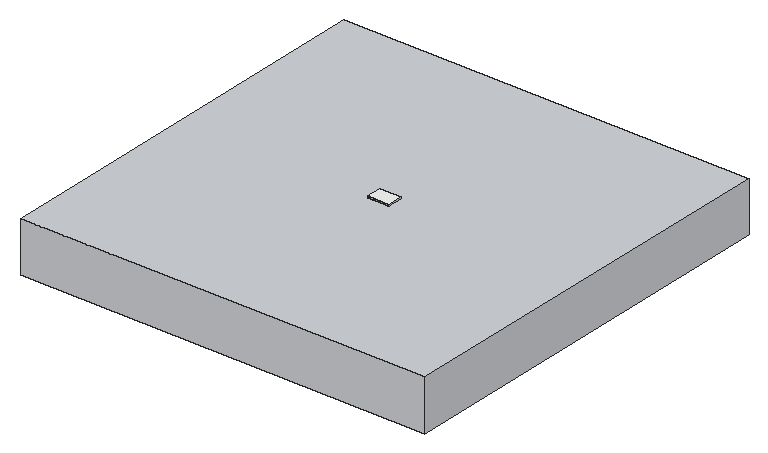
Revit family "Bticino_Hotel_UX_TOUCH_Thermostat", category Equipement électrique, Revit 2020
Family settings
  Hôte = Face
  Configuration du panneau = Deux colonnes, circuits au sein
  Cote de connecteur circulaire = Utiliser le diamètre
  Type d'élément = Tableau de raccordement
  Couper avec des vides une fois chargée = Non
  Partagée = Non
  Point de calcul de pièce = Non
Parameters (values of type "Thermostat Black")
  Web configurator = "https://uxforupscalehotel.legrand.com"
  With room temperature controller = yes
  With LED indication = yes
  URL = "http://www.legrandoc.com/FL4654"
  Type of surface = "Brilliant"
  Supply frequency MIN-MAX ( Hz) = "0-0"
  Storage temperature MIN-MAX (°C) = "-20-70"
  Standby consuption (mA) = 8
  Programming way = "Computer"
  Programmable = yes
  Overall width = 129 mm
  Overall height = 93 mm
  Overall depth = 42 mm
  Other bus systems = "Other"
  Operating / setting temperature MIN-MAX (°C) = "0-40"
  Number of buttons = 4
  Mounting method = "Flush mounted (plaster)"
  Mounting bracket Ref 048779 [instance] = yes
  Modèle = "FL4654"
  Material = LEGRAND - Black plastic
  built-in parameter 1140140 [instance] = 1 (stored number, unit not read)
  General Conditions of Use = "https://export.legrand.com/en/terms-of-use-BIM-objects"
  Flush mount accessory Ref 048788 [instance] = not(Mounting bracket Ref 048779)  # no
  Fabricant = "Legrand"
  Elévation par défaut = 1300 mm
  Description = "Thermostat SCS"
  Degree of protection (IP) = "IP20"
  Degree of impact strength (IK) = "IK02"
  built-in parameter 1140142 [instance] = -1
  Command = Thermostat : Thermostat
  Colour = "Black"
  Built-in depth = 30 mm
  built-in parameter 1155100 [instance] = -1
  Addressable = yes
Types (5, lengths in mm): name | URL | Number of buttons | Modèle | Material | Description | Command | Colour
  (no name) | "http://www.legrandoc.com/FL4654W" | 4 | "FL4654W" | LEGRAND - White plastic | "Thermostat SCS" | Thermostat : Thermostat | "White"
  Thermostat Black | "http://www.legrandoc.com/FL4654" | 4 | "FL4654" | LEGRAND - Black plastic | "Thermostat SCS" | Thermostat : Thermostat | "Black"
  Thermostat_Bedside Pannel Black | "http://www.legrandoc.com/FL4653" | 10 | "FL4653" | LEGRAND - Black plastic | "Bedside panel SCS" | Tête de lit : Tête de lit | "Black"
  Thermostat White | "http://www.legrandoc.com/FL4654W" | 4 | "FL4654W" | LEGRAND - White plastic | "Thermostat SCS" | Thermostat : Thermostat | "White"
  Thermostat_Bedside Pannel White | "http://www.legrandoc.com/FL4653W" | 10 | "FL4653W" | LEGRAND - White plastic | "Bedside panel SCS" | Tête de lit : Tête de lit | "White"
Reference planes
  plane 1 "Centre (avant/arrière)": y = 0
  plane 2: z = 0
  plane 3 "Centre (gauche/droite)": x = 0
Forms (mm)
  Extrusion 1, solid
    sketch origin (0, 0, 0) x (1, 0, 0) y (0, 1, 0)
      loop
        line (-1219.2, 1219.2) -> (-1219.2, -1219.2) -> (1219.2, -1219.2) -> (1219.2, 1219.2) -> (-1219.2, 1219.2)
    from 0 to -304.8
Dimensions and locks
  aligned and locked: plane 2 to Extrusion 1
  aligned and locked: level to Extrusion 1
Nested families
  nested 1: "TOUCH-Thermostat" at (0, 0, 0), type "TOUCH-Thermostat"
  nested 2: "Thermostat" at (0, 0, 0), type <- "Command", type "Thermostat"
Connectors
  electrical at (0, 0, 0)
    settings: on nested 1, index 1, voltage 0 V, apparent load 0 VA, apparent load phase1 0 VA, apparent load phase2 0 VA, apparent load phase3 0 VA, power factor 1, load classification "Autre", number of poles 1, system type 30, power factor state 1, is connector primary yes, connector utility no, sub classification motor no, connector description ""
Definition of nested family "TOUCH-Thermostat"
  Parameters (values of type "TOUCH-Thermostat")
    Matériau = none
    Default Elevation = 0 mm
  Reference planes
    plane 1 "Centre (avant/arrière)": y = 0
    plane 2: z = 0
    plane 3 "Centre (gauche/droite)": x = 0
    plane 4: z = -5.9
    plane 5: z = -30.9
    plane 6: z = 11.5
    plane 7: x = 64.5
    plane 8: x = -64.5
    plane 9: y = 46.5
    plane 10: y = -46.5
    plane 11: x = 16.5
    plane 12: x = -16.5
  Forms (mm)
    Extrusion 1, solid, material <- "Matériau"
      sketch origin (0, 0, 0) x (0, -1, 0) y (1, 0, 0)
        loop
          line (-26.5, 26.5) -> (-26.5, -26.5) -> (26.5, -26.5) -> (26.5, 26.5) -> (-26.5, 26.5)
      from -5.9 to 0
    Extrusion 2, solid, material <- "Matériau"
      sketch origin (0, 0, 0) x (0, -1, 0) y (1, 0, 0)
        loop
          line (-16.5, 16.5) -> (-16.5, -16.5) -> (16.5, -16.5) -> (16.5, 16.5) -> (-16.5, 16.5)
      from -30.9 to -5.9
    Extrusion 3, solid, material <- "Matériau"
      sketch origin (0, 0, 0) x (1, 0, 0) y (0, 1, 0)
        loop
          line (-64.5, 46.5) -> (-64.5, -46.5) -> (64.5, -46.5) -> (64.5, 46.5) -> (-64.5, 46.5)
      from 0 to 11.5
    Sweep 4, void
      path origin (0, 0, 0) x (1, 0, 0) y (0, 1, 0)
        loop
          line (-64.5, 46.5) -> (-64.5, -46.5) -> (64.5, -46.5) -> (64.5, 46.5) -> (-64.5, 46.5)
      profile origin (0, 46.5, 0) x (0, 1, 0) y (0, 0, 1)
        loop
          arc (0, 11.5) -> (-1.004, 5.704) -> (-4.308, 0.837) r 13.947
          arc (-4.308, 0.837) -> (-5.255, 0.224) -> (-6.36, 0) r 3.03
          line (-6.36, 0) -> (-6.36, -5) -> (1.64, -5) -> (1.64, 11.5) -> (0, 11.5)
  Cuts and joins
    joined: Extrusion 1, Extrusion 2
    Sweep 4 cuts Extrusion 3
  Dimensions and locks
    plane 8 to plane 7 = 129 mm
    plane 10 to plane 9 = 93 mm
    plane 12 to plane 11 = 33 mm
    plane 6 to plane 2 = 11.5 mm
    plane 5 to plane 4 to plane 2 to plane 6 = 25 mm, 5.9 mm, 11.5 mm
    plane 5 to plane 6 = 42.4 mm
    aligned and locked: level to plane 2
Definition of nested family "Thermostat"
  Parameters (values of type "Thermostat SCS")
    Matériau = none
    built-in parameter 1140140 [instance] = 1 (stored number, unit not read)
    Default Elevation = 0 mm
    built-in parameter 1140142 [instance] = -1
    built-in parameter 1155100 [instance] = -1
  Reference planes
    plane 1 "Centre (avant/arrière)": y = 0
    plane 2: z = 0
    plane 3 "Centre (gauche/droite)": x = 0
    plane 4: z = 11.5
    plane 5: x = -64.5
    plane 6: x = 64.5
    plane 7: y = 46.5
    plane 8: y = -46.5
  Lines and regions (mm)
    model lines
      curve 1: arc (44, 30.858, 11.5) -> (44.5, 24.9, 11.5) -> (45, 30.858, 11.5) r 3
      curve 2: arc (25.247, 30.4, 11.5) -> (24.5, 30.901, 11.5) -> (23.753, 30.4, 11.5) r 0.808
      curve 3: arc (23.753, 26.565, 11.5) -> (24.5, 24.9, 11.5) -> (25.247, 26.565, 11.5) r 1
      curve 4: circle (24.5, 25.9, 11.5) r 0.25 normal (0, 0, 1)
      curve 5: line (44.5, 29.358, 11.5) -> (44.5, 32.358, 11.5)
      curve 6: line (44.5, 6.3, 11.5) -> (44.5, 12.3, 11.5)
      curve 7: line (41.5, 9.3, 11.5) -> (47.5, 9.3, 11.5)
      curve 8: line (41.5, -9.3, 11.5) -> (47.5, -9.3, 11.5)
      curve 9: line (42, -24.9, 11.5) -> (43.037, -26.863, 11.5)
      curve 10: line (43.037, -26.863, 11.5) -> (44.5, -27.9, 11.5)
      curve 11: line (44.5, -27.9, 11.5) -> (42.537, -26.863, 11.5)
      curve 12: line (42.537, -26.863, 11.5) -> (41.5, -24.9, 11.5)
      curve 13: line (41.5, -24.9, 11.5) -> (42, -24.9, 11.5)
      curve 14: line (41.5, -30.4, 11.5) -> (43.463, -29.363, 11.5)
      curve 15: line (43.463, -29.363, 11.5) -> (44.5, -27.9, 11.5)
      curve 16: line (44.5, -27.9, 11.5) -> (43.463, -29.863, 11.5)
      curve 17: line (43.463, -29.863, 11.5) -> (41.5, -30.9, 11.5)
      curve 18: line (41.5, -30.9, 11.5) -> (41.5, -30.4, 11.5)
      curve 19: line (47, -30.9, 11.5) -> (45.963, -28.937, 11.5)
      curve 20: line (45.963, -28.937, 11.5) -> (44.5, -27.9, 11.5)
      curve 21: line (44.5, -27.9, 11.5) -> (46.463, -28.937, 11.5)
      curve 22: line (46.463, -28.937, 11.5) -> (47.5, -30.9, 11.5)
      curve 23: line (47.5, -30.9, 11.5) -> (47, -30.9, 11.5)
      curve 24: line (47, -24.9, 11.5) -> (45.963, -26.863, 11.5)
      curve 25: line (45.963, -26.863, 11.5) -> (44.5, -27.9, 11.5)
      curve 26: line (44.5, -27.9, 11.5) -> (46.463, -26.863, 11.5)
      curve 27: line (46.463, -26.863, 11.5) -> (47.5, -24.9, 11.5)
      curve 28: line (47.5, -24.9, 11.5) -> (47, -24.9, 11.5)
      curve 29: line (23.753, 30.4, 11.5) -> (23.753, 26.565, 11.5)
      curve 30: line (25.247, 30.4, 11.5) -> (25.247, 26.565, 11.5)
      curve 31: line (24.5, 30.4, 11.5) -> (24.5, 26.15, 11.5)
      curve 32: line (1, 13.3, 11.5) -> (17, 13.3, 11.5)
      curve 33: line (17, 13.3, 11.5) -> (17, -13.3, 11.5)
      curve 34: line (17, -13.3, 11.5) -> (1, -13.3, 11.5)
      curve 35: line (1, -13.3, 11.5) -> (1, 13.3, 11.5)
      curve 36: line (5, 9.3, 11.5) -> (13, 9.3, 11.5)
      curve 37: line (13, 9.3, 11.5) -> (13, -9.3, 11.5)
      curve 38: line (13, -9.3, 11.5) -> (5, -9.3, 11.5)
      curve 39: line (5, -9.3, 11.5) -> (5, 9.3, 11.5)
      curve 40: line (-17, 13.3, 11.5) -> (-1, 13.3, 11.5)
      curve 41: line (-1, 13.3, 11.5) -> (-1, -2, 11.5)
      curve 42: line (-1, -2, 11.5) -> (-13, -2, 11.5)
      curve 43: line (-13, -2, 11.5) -> (-13, -9.3, 11.5)
      curve 44: line (-13, -9.3, 11.5) -> (-1, -9.3, 11.5)
      curve 45: line (-1, -9.3, 11.5) -> (-1, -13.3, 11.5)
      curve 46: line (-1, -13.3, 11.5) -> (-17, -13.3, 11.5)
      curve 47: line (-17, -13.3, 11.5) -> (-17, 2, 11.5)
      curve 48: line (-17, 2, 11.5) -> (-5, 2, 11.5)
      curve 49: line (-5, 2, 11.5) -> (-5, 9.3, 11.5)
      curve 50: line (-5, 9.3, 11.5) -> (-17, 9.3, 11.5)
      curve 51: line (-17, 9.3, 11.5) -> (-17, 13.3, 11.5)
      curve 52: line (18, 9.3, 11.5) -> (22, 9.3, 11.5)
      curve 53: line (22, 9.3, 11.5) -> (22, 13.3, 11.5)
      curve 54: line (22, 13.3, 11.5) -> (18, 13.3, 11.5)
      curve 55: line (18, 13.3, 11.5) -> (18, 9.3, 11.5)
      curve 56: line (20.4, -10.1, 11.5) -> (20.4, -11.7, 11.5)
      curve 57: line (20.4, -11.7, 11.5) -> (18, -11.7, 11.5)
      curve 58: line (18, -11.7, 11.5) -> (18, -13.3, 11.5)
      curve 59: line (18, -13.3, 11.5) -> (22, -13.3, 11.5)
      curve 60: line (22, -13.3, 11.5) -> (22, -8.5, 11.5)
      curve 61: line (22, -8.5, 11.5) -> (19.6, -8.5, 11.5)
      curve 62: line (19.6, -8.5, 11.5) -> (19.6, -6.9, 11.5)
      curve 63: line (19.6, -6.9, 11.5) -> (22, -6.9, 11.5)
      curve 64: line (22, -6.9, 11.5) -> (22, -5.3, 11.5)
      curve 65: line (22, -5.3, 11.5) -> (18, -5.3, 11.5)
      curve 66: line (18, -5.3, 11.5) -> (18, -10.1, 11.5)
      curve 67: line (18, -10.1, 11.5) -> (20.4, -10.1, 11.5)
      curve 68: line (27.5, -24.9, 11.5) -> (28, -24.9, 11.5)
      curve 69: line (28, -24.9, 11.5) -> (28, -30.9, 11.5)
      curve 70: line (28, -30.9, 11.5) -> (27.5, -30.9, 11.5)
      curve 71: line (27.5, -30.9, 11.5) -> (27.5, -24.9, 11.5)
      curve 72: line (24.25, -26.4, 11.5) -> (24.75, -26.4, 11.5)
      curve 73: line (24.75, -26.4, 11.5) -> (24.75, -29.4, 11.5)
      curve 74: line (24.75, -29.4, 11.5) -> (24.25, -29.4, 11.5)
      curve 75: line (24.25, -29.4, 11.5) -> (24.25, -26.4, 11.5)
      curve 76: line (21, -27.15, 11.5) -> (21.5, -27.15, 11.5)
      curve 77: line (21.5, -27.15, 11.5) -> (21.5, -28.65, 11.5)
      curve 78: line (21.5, -28.65, 11.5) -> (21, -28.65, 11.5)
      curve 79: line (21, -28.65, 11.5) -> (21, -27.15, 11.5)
  Dimensions and locks
    plane 5 to plane 6 = 129 mm
    plane 8 to plane 7 = 93 mm
    aligned and locked: level to plane 2
